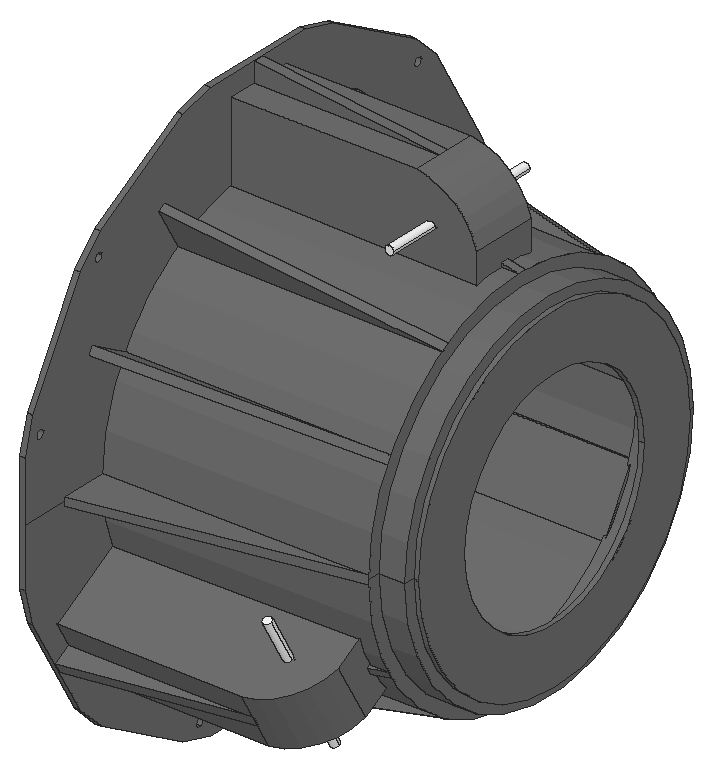
Revit family "L100-80FWS", category Pipe Accessories, Revit 2016
Family settings
  Part Type = Breaks Into
  Round Connector Dimension = Use Diameter
  Work Plane-Based = No
  Always vertical = No
  Cut with Voids When Loaded = No
  Shared = No
Parameters
  URL = "http://www.snapcollars.com"
  Model = "L100FWS with 80 Reducer Ring"
  Manufacturer = "Snap Fire Systems"
  Description = "The L-80-FWS is a low-top, cast-in fire collar for concrete slabs 150mm or thicker."
Reference planes
  plane 1 "Center (Front/Back)": y = 0
  plane 2: z = 0
  plane 3 "Center (Left/Right)": x = -165
  plane 4: x = -230
  plane 5: x = -176.254
  plane 6: y = 90.593
  plane 7: y = -50
  plane 8: y = 100.593
  plane 9: y = -60
  plane 10: x = -195.933
  plane 11: x = -79.975
Forms (mm)
  Revolve 1, solid, material "PVC-Black", detail levels medium+fine
    sketch origin (0, 0, 0) x (1, 0, 0) y (0, 1, 0)
      loop
        line (-227.967, -69.144) -> (-134.479, -68.001) -> (-134.479, -63.623) -> (-125, -63.623) -> (-125, -59.868) -> (-141.666, -59.594) -> (-141.666, -63.997) -> (-230, -65.169) -> (-230, -105) -> (-227.967, -105) -> (-227.967, -69.144)
      axis (-230, 0) -> (-125, 0)
    angle from 0 to 360
  Extrusion 2, void
    sketch origin (-227.967, 0, 0) x (0, 1, 0) y (0, 0, -1)
      loop
        line (-27.564, -102.871) -> (27.564, -102.871) -> (75.307, -75.307) -> (102.871, -27.564) -> (102.871, 27.564) -> (75.307, 75.307) -> (27.564, 102.871) -> (-27.564, 102.871) -> (-75.307, 75.307) -> (-102.871, 27.564) -> (-102.871, -27.564) -> (-75.307, -75.307) -> (-27.564, -102.871)
      loop
        circle (0, 0) r 118.785
    from 0 to 2.033
  Extrusion 3, void
    sketch origin (-227.967, 0, 0) x (0, 1, 0) y (0, 0, -1)
      loop
        circle (-70.697, -70.697) r 1.577
      loop
        circle (-96.574, -25.877) r 1.577
      loop
        circle (96.571, -25.888) r 1.577
      loop
        circle (70.689, -70.705) r 1.577
      loop
        circle (-25.877, 96.574) r 1.577
      loop
        circle (25.877, 96.574) r 1.577
    from 0 to 2.033
  Extrusion 4, solid, material "PVC-Black", detail levels fine
    sketch origin (0, 0, 0) x (1, 0, 0) y (0, 0, 1)
      loop
        line (-134.479, 68.001) -> (-227.967, 86.048) -> (-227.967, 69.12) -> (-134.479, 68.001)
    from -1.5 to 1.5
  Extrusion 5, solid, material "PVC-Black", detail levels medium+fine
    sketch origin (0, 0, 0) x (1, 0, 0) y (0, 0, 1)
      loop
        line (-227.967, 58.439) -> (-140.967, 58.439) -> (-140.967, 77.244)
        arc (-140.967, 77.244) -> (-148.679, 90.01) -> (-162.316, 96.048) r 24.811
        line (-162.316, 96.048) -> (-227.967, 96.048) -> (-227.967, 58.439)
    from -12 to 12
  Extrusion 6, solid, material "PVC-Black", detail levels medium+fine
    sketch origin (0, 0, 0) x (1, 0, 0) y (0, -0.866025, -0.5)
      loop
        line (-227.967, 58.439) -> (-140.967, 58.439) -> (-140.967, 77.244)
        arc (-140.967, 77.244) -> (-148.679, 90.01) -> (-162.316, 96.048) r 24.811
        line (-162.316, 96.048) -> (-227.967, 96.048) -> (-227.967, 58.439)
    from -12 to 12
  Extrusion 7, solid, material "PVC-Black", detail levels medium+fine
    sketch origin (0, 0, 0) x (1, 0, 0) y (0, 0.866025, -0.5)
      loop
        line (-227.967, 58.439) -> (-140.967, 58.439) -> (-140.967, 77.244)
        arc (-140.967, 77.244) -> (-148.679, 90.01) -> (-162.316, 96.048) r 24.811
        line (-162.316, 96.048) -> (-227.967, 96.048) -> (-227.967, 58.439)
    from -12 to 12
  Extrusion 8, solid, material "PVC-Black", detail levels fine
    sketch origin (0, 0, 0) x (1, 0, 0) y (0, 0, 1)
      loop
        line (-227.967, 102.871) -> (-227.967, 96.048) -> (-162.316, 96.048) -> (-227.967, 102.871)
    from -2 to 2
  Extrusion 9, solid, material "PVC-Black", detail levels fine
    sketch origin (0, 0, 0) x (1, 0, 0) y (0, 0.866025, -0.5)
      loop
        line (-227.967, 102.871) -> (-227.967, 96.048) -> (-162.316, 96.048) -> (-227.967, 102.871)
    from -2 to 2
  Extrusion 10, solid, material "PVC-Black", detail levels fine
    sketch origin (0, 0, 0) x (1, 0, 0) y (0, -0.866025, -0.5)
      loop
        line (-227.967, 102.871) -> (-227.967, 96.048) -> (-162.316, 96.048) -> (-227.967, 102.871)
    from -2 to 2
  Extrusion 11, solid, material "PVC-White", not visible, detail levels fine
    sketch origin (0, 0, 0) x (1, 0, 0) y (0, 0, 1)
      loop
        line (-80, 60.418) -> (-227.967, 86.048) -> (-227.967, 69.12) -> (-80, 60.418)
    from -1.5 to 1.5
  Extrusion 12, solid, material "PVC-White", not visible, detail levels fine
    sketch origin (0, 0, 0) x (1, 0, 0) y (0, -0.5, 0.866025)
      loop
        line (-80, 60.418) -> (-227.967, 86.048) -> (-227.967, 69.12) -> (-80, 60.418)
    from -1.5 to 1.5
  Extrusion 13, solid, material "PVC-White", not visible, detail levels fine
    sketch origin (0, 0, 0) x (1, 0, 0) y (0, -0.866025, 0.5)
      loop
        line (-80, 60.418) -> (-227.967, 86.048) -> (-227.967, 69.12) -> (-80, 60.418)
    from -1.5 to 1.5
  Extrusion 14, solid, material "PVC-White", not visible, detail levels fine
    sketch origin (0, 0, 0) x (0, -1, 0) y (-1, 0, 0)
      loop
        line (60.418, 80) -> (86.048, 227.967) -> (69.12, 227.967) -> (60.418, 80)
    from -1.5 to 1.5
  Extrusion 15, solid, material "PVC-White", not visible, detail levels fine
    sketch origin (0, 0, 0) x (1, 0, 0) y (0, -0.866025, -0.5)
      loop
        line (-80, 60.418) -> (-227.967, 86.048) -> (-227.967, 69.12) -> (-80, 60.418)
    from -1.5 to 1.5
  Extrusion 16, solid, material "PVC-White", not visible, detail levels fine
    sketch origin (0, 0, 0) x (1, 0, 0) y (0, -0.5, -0.866025)
      loop
        line (-80, 60.418) -> (-227.967, 86.048) -> (-227.967, 69.12) -> (-80, 60.418)
    from -1.5 to 1.5
  Extrusion 17, solid, material "PVC-White", not visible, detail levels fine
    sketch origin (0, 0, 0) x (1, 0, 0) y (0, 0, -1)
      loop
        line (-80, 60.418) -> (-227.967, 86.048) -> (-227.967, 69.12) -> (-80, 60.418)
    from -1.5 to 1.5
  Extrusion 18, solid, material "PVC-White", not visible, detail levels fine
    sketch origin (0, 0, 0) x (1, 0, 0) y (0, 0.5, -0.866025)
      loop
        line (-80, 60.418) -> (-227.967, 86.048) -> (-227.967, 69.12) -> (-80, 60.418)
    from -1.5 to 1.5
  Extrusion 19, solid, material "PVC-White", not visible, detail levels fine
    sketch origin (0, 0, 0) x (1, 0, 0) y (0, 0.866025, -0.5)
      loop
        line (-80, 60.418) -> (-227.967, 86.048) -> (-227.967, 69.12) -> (-80, 60.418)
    from -1.5 to 1.5
  Extrusion 20, solid, material "PVC-White", not visible, detail levels fine
    sketch origin (0, 0, 0) x (1, 0, 0) y (0, 1, 0)
      loop
        line (-80, 60.418) -> (-227.967, 86.048) -> (-227.967, 69.12) -> (-80, 60.418)
    from -1.5 to 1.5
  Extrusion 21, solid, material "PVC-White", not visible, detail levels fine
    sketch origin (0, 0, 0) x (1, 0, 0) y (0, 0.866025, 0.5)
      loop
        line (-80, 60.418) -> (-227.967, 86.048) -> (-227.967, 69.12) -> (-80, 60.418)
    from -1.5 to 1.5
  Extrusion 22, solid, material "PVC-White", not visible, detail levels fine
    sketch origin (0, 0, 0) x (1, 0, 0) y (0, 0.5, 0.866025)
      loop
        line (-80, 60.418) -> (-227.967, 86.048) -> (-227.967, 69.12) -> (-80, 60.418)
    from -1.5 to 1.5
  Extrusion 23, solid, material "PVC-White", detail levels fine
    sketch origin (0, 0, 0) x (1, 0, 0) y (0, 0, 1)
      loop
        circle (-157.362, 79.878) r 1.5
    from -30 to 30
  Extrusion 24, solid, material "PVC-White", detail levels fine
    sketch origin (0, 0, 0) x (1, 0, 0) y (0, 0.866025, -0.5)
      loop
        circle (-157.362, 79.878) r 1.5
    from -30 to 30
  Extrusion 25, solid, material "PVC-White", detail levels fine
    sketch origin (0, 0, 0) x (1, 0, 0) y (0, -0.866025, -0.5)
      loop
        circle (-157.362, 79.878) r 1.5
    from -30 to 30
  Extrusion 26, solid, material "PVC-Black", detail levels fine
    sketch origin (0, 0, 0) x (1, 0, 0) y (0, 0.5, 0.866025)
      loop
        line (-134.479, 68.001) -> (-227.967, 86.048) -> (-227.967, 69.12) -> (-134.479, 68.001)
    from -1.5 to 1.5
  Extrusion 27, solid, material "PVC-Black", detail levels fine
    sketch origin (0, 0, 0) x (1, 0, 0) y (0, 0.866025, 0.5)
      loop
        line (-134.479, 68.001) -> (-227.967, 86.048) -> (-227.967, 69.12) -> (-134.479, 68.001)
    from -1.5 to 1.5
  Extrusion 28, solid, material "PVC-Black", detail levels fine
    sketch origin (0, 0, 0) x (1, 0, 0) y (0, 1, 0)
      loop
        line (-134.479, 68.001) -> (-227.967, 86.048) -> (-227.967, 69.12) -> (-134.479, 68.001)
    from -1.5 to 1.5
  Extrusion 29, solid, material "PVC-Black", detail levels fine
    sketch origin (0, 0, 0) x (1, 0, 0) y (0, 0.866025, -0.5)
      loop
        line (-134.479, 68.001) -> (-227.967, 86.048) -> (-227.967, 69.12) -> (-134.479, 68.001)
    from -1.5 to 1.5
  Extrusion 30, solid, material "PVC-Black", detail levels fine
    sketch origin (0, 0, 0) x (1, 0, 0) y (0, 0.5, -0.866025)
      loop
        line (-134.479, 68.001) -> (-227.967, 86.048) -> (-227.967, 69.12) -> (-134.479, 68.001)
    from -1.5 to 1.5
  Extrusion 31, solid, material "PVC-Black", detail levels fine
    sketch origin (0, 0, 0) x (1, 0, 0) y (0, 0, -1)
      loop
        line (-134.479, 68.001) -> (-227.967, 86.048) -> (-227.967, 69.12) -> (-134.479, 68.001)
    from -1.5 to 1.5
  Extrusion 32, solid, material "PVC-Black", detail levels fine
    sketch origin (0, 0, 0) x (1, 0, 0) y (0, -0.5, -0.866025)
      loop
        line (-134.479, 68.001) -> (-227.967, 86.048) -> (-227.967, 69.12) -> (-134.479, 68.001)
    from -1.5 to 1.5
  Extrusion 33, solid, material "PVC-Black", detail levels fine
    sketch origin (0, 0, 0) x (1, 0, 0) y (0, -0.866025, -0.5)
      loop
        line (-134.479, 68.001) -> (-227.967, 86.048) -> (-227.967, 69.12) -> (-134.479, 68.001)
    from -1.5 to 1.5
  Extrusion 34, solid, material "PVC-Black", detail levels fine
    sketch origin (0, 0, 0) x (0, -1, 0) y (-1, 0, 0)
      loop
        line (68.001, 134.479) -> (86.048, 227.967) -> (69.12, 227.967) -> (68.001, 134.479)
    from -1.5 to 1.5
  Extrusion 35, solid, material "PVC-Black", detail levels fine
    sketch origin (0, 0, 0) x (1, 0, 0) y (0, -0.866025, 0.5)
      loop
        line (-134.479, 68.001) -> (-227.967, 86.048) -> (-227.967, 69.12) -> (-134.479, 68.001)
    from -1.5 to 1.5
  Extrusion 36, solid, material "PVC-Black", detail levels fine
    sketch origin (0, 0, 0) x (1, 0, 0) y (0, -0.5, 0.866025)
      loop
        line (-134.479, 68.001) -> (-227.967, 86.048) -> (-227.967, 69.12) -> (-134.479, 68.001)
    from -1.5 to 1.5
  Extrusion 37, solid, material "PVC-Black"
    sketch origin (-125, 0, 0) x (0, -1, 0) y (0, 0, -1)
      loop
        circle (0, 0) r 40
      loop
        circle (0, 0) r 59.868
    from 0 to 2
Cuts and joins
  joined: Extrusion 5, Extrusion 6, Extrusion 7
  Extrusion 2, Extrusion 3 cuts Revolve 1
Dimensions and locks
  Extrusion 11 sketch curve to Extrusion 11 sketch curve = 0 mm
  Extrusion 12 sketch curve to Extrusion 12 sketch curve = 0 mm
  Extrusion 13 sketch curve to Extrusion 13 sketch curve = 0 mm
  Extrusion 14 sketch curve to Extrusion 14 sketch curve = 0 mm
  Extrusion 15 sketch curve to Extrusion 15 sketch curve = 0 mm
  Extrusion 16 sketch curve to Extrusion 16 sketch curve = 0 mm
  Extrusion 17 sketch curve to Extrusion 17 sketch curve = 0 mm
  Extrusion 18 sketch curve to Extrusion 18 sketch curve = 0 mm
  Extrusion 19 sketch curve to Extrusion 19 sketch curve = 0 mm
  Extrusion 20 sketch curve to Extrusion 20 sketch curve = 0 mm
  Extrusion 21 sketch curve to Extrusion 21 sketch curve = 0 mm
  Extrusion 22 sketch curve to Extrusion 22 sketch curve = 0 mm
  aligned and locked: level to plane 2
  aligned and locked: plane 1 "Center (Front/Back)" to Revolve 1 sketch curve
Connectors
  piping at (-195.933, 0, 0), diameter 80
    settings: on plane 10, index 4, connector inside diameter 609.6 mm, connector length 0 mm, flow factor 0, pipe flow 0.0 L/s, pressure drop 0.0 Pa, fitting loss kfactor 0, connector angle 0.00°, fixture units 0, engagement length 0 mm, angle of deflection 0.00°, flow configuration 0, flow direction 0, fitting loss method 0, system type 7, joint type 0, gender type 0, connector reference index -1, connector utility 0, adjustable connector no, is connector primary yes, connector description ""
  piping at (-176.254, 0, 0), diameter 80
    settings: on plane 5, index 5, connector inside diameter 609.6 mm, connector length 0 mm, flow factor 0, pipe flow 0.0 L/s, pressure drop 0.0 Pa, fitting loss kfactor 0, connector angle 0.00°, fixture units 0, engagement length 0 mm, angle of deflection 0.00°, flow configuration 0, flow direction 0, fitting loss method 0, system type 7, joint type 0, gender type 0, connector reference index -1, connector utility 0, adjustable connector no, is connector primary no, connector description ""
